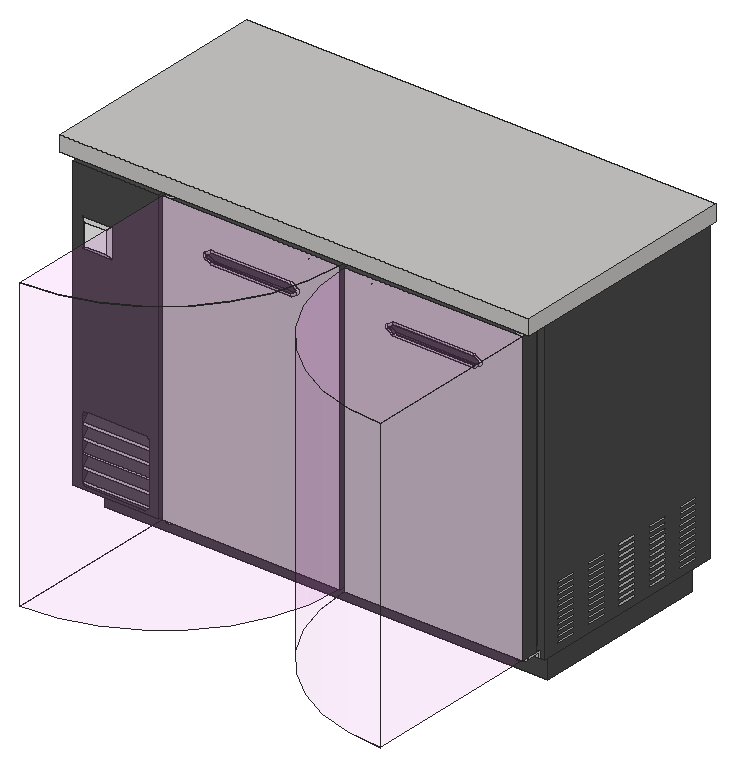
Revit family "QF_Kelvinator_738269_KCHBB48S_2-Solid_Door_Back_Bar_Refrigerator_Black_49_Long", category Specialty Equipment, Revit 2021 (continued)
Definition of nested family "KCHBB48S"
  Definition of nested family "Family1"
    Lines and regions (in)
      Split face 2
        outline origin (0, -1.75, 30.4) x (-1, 0, 0) y (0, 0, -1)
          loop
            circle (-15.55437, 0.5) r 0.2773
      symbolic lines, visible <- "Show Clearance"
        curve 1: arc (16.10807, -11.05, 0) -> (17.8876, -6.84841, 0) -> (18.59064, -2.34, 0) r 18.6
        curve 2: line (1.02191, -2.34, 0) -> (16.10807, -11.05, 0)
    Dimensions and locks (in)
      equal spacing: plane 3 "LEFT", plane 7 "Center Y", plane 4 "RIGHT"
      "Length": plane 3 "LEFT" to plane 4 "RIGHT"
      equal spacing: plane 5 "FRONT", plane 8 "Center X", plane 1 "BACK"
      "Depth": plane 5 "FRONT" to plane 1 "BACK"
      "Height": plane 6 "TOP" to level
      aligned and locked: level to plane 2
    Automatic sketch dimensions
      Extrusion 1 sketch curve to level = 0.000"
      Extrusion 1 sketch curve to plane 3 "LEFT" = 0.000"
      plane 4 "RIGHT" to Extrusion 1 sketch curve = 0.000"
      Extrusion 1 sketch curve to plane 6 "TOP" = 0.000"
      Extrusion 2 sketch curve to plane 6 "TOP" = 4.42179"
      Extrusion 2 sketch curve to Extrusion 2 sketch curve = 0.3367"
      Extrusion 2 sketch curve to Extrusion 2 sketch curve = 0.33813"  (x2)
      Extrusion 2 sketch curve to Extrusion 2 sketch curve = 0.09937"  (x2)
      Extrusion 2 sketch curve to Extrusion 2 sketch curve = 0.1008"  (x2)
      plane 12 to Extrusion 2 sketch curve = 4.2715"
      Extrusion 2 sketch curve to Extrusion 2 sketch curve = 0.06211"
      Extrusion 2 sketch curve to Extrusion 2 sketch curve = 0.541"  (x2)
      plane 7 "Center Y" to Extrusion 2 sketch curve = 4.175"
      Extrusion 2 sketch curve to Extrusion 2 sketch curve = 0.000"
      Extrusion 2 sketch curve to Extrusion 2 sketch curve = 0.47572"
      Extrusion 2 sketch curve to Extrusion 2 sketch curve = 0.063"
      Sweep 3 sketch curve to plane 6 "TOP" = 3.54679"
      Sweep 3 sketch curve to Sweep 3 sketch curve = 0.3367"
      Sweep 3 sketch curve to Sweep 3 sketch curve = 0.33813"  (x2)
      Sweep 3 sketch curve to Sweep 3 sketch curve = 0.09937"  (x2)
      Sweep 3 sketch curve to Sweep 3 sketch curve = 0.1008"  (x2)
      plane 12 to Sweep 3 sketch curve = 4.2715"
      Sweep 3 sketch curve to Sweep 3 sketch curve = 0.06211"
      Sweep 3 sketch curve to Sweep 3 sketch curve = 0.541"  (x2)
      plane 7 "Center Y" to Sweep 3 sketch curve = 4.175"
      Sweep 3 sketch curve to Sweep 3 sketch curve = 0.000"
      Sweep 3 sketch curve to Sweep 3 sketch curve = 0.47572"
      Sweep 3 sketch curve to Sweep 3 sketch curve = 0.063"
      profile plane to Sweep 3 sketch curve = 0.000"
      profile plane to Sweep 3 sketch curve = 0.125"
      profile plane to Sweep 3 sketch curve = 2.67809"
      Sweep 3 sketch curve to Sweep 3 sketch curve = 0.12191"
      Split face 1 sketch curve to cut or joined group of Extrusion 1, Extrusion 2, Extrusion 4 = 0.1875"
      cut or joined group of Extrusion 1, Extrusion 2, Extrusion 4 to Split face 1 sketch curve = 0.2873"  (x2)
      Split face 1 sketch curve to cut or joined group of Extrusion 1, Extrusion 2, Extrusion 4 = 0.03125"
      Split face 2 sketch curve to cut or joined group of Extrusion 1, Extrusion 2, Extrusion 4 = 0.03125"
      Split face 2 sketch curve to cut or joined group of Extrusion 1, Extrusion 2, Extrusion 4 = 0.25958"
      Extrusion 1 to Extrusion 4 sketch curve = 0.46875"
      Extrusion 1 to Extrusion 4 sketch curve = 2.78605"
      Extrusion 4 sketch curve to Extrusion 4 sketch curve = 0.51916"
      Extrusion 4 sketch curve to Extrusion 4 sketch curve = 0.0625"
      Extrusion 5 sketch curve to plane 1 "BACK" = 0.000"
      level to Extrusion 5 sketch curve = 0.32425"
      Extrusion 5 sketch curve to plane 6 "TOP" = 0.32575"
      Extrusion 5 sketch curve to Extrusion 5 sketch curve = 0.250"
      Extrusion 6 sketch curve to plane 9 = 0.000"
      level to Extrusion 6 sketch curve = 0.32425"
      Extrusion 6 sketch curve to plane 6 "TOP" = 0.32575"
      Extrusion 6 sketch curve to Extrusion 6 sketch curve = 0.250"
      Extrusion 7 sketch curve to plane 6 "TOP" = 0.000"
      Extrusion 7 sketch curve to plane 3 "LEFT" = 0.000"
      Extrusion 7 sketch curve to plane 10 = 0.12956"
      plane 12 to Extrusion 7 sketch curve = 2.6875"
      Extrusion 8 sketch curve to plane 9 = 0.000"
      Extrusion 8 sketch curve to plane 3 "LEFT" = 0.000"
      plane 12 to Extrusion 8 sketch curve = 0.23886"
      Extrusion 8 sketch curve to plane 8 "Center X" = 0.250"
      Extrusion 9 sketch curve to Extrusion 7 = 0.29232"
      Extrusion 9 sketch curve to Extrusion 7 = 0.45668"
      Extrusion 10 sketch curve to plane 8 "Center X" = 0.000"
      plane 12 to Extrusion 10 sketch curve = 0.23886"
      Extrusion 11 sketch curve to Extrusion 7 = 0.29232"
      Extrusion 11 sketch curve to Extrusion 7 = 1.45668"
      Extrusion 12 sketch curve to Extrusion 7 = 0.29232"
      Extrusion 12 sketch curve to Extrusion 7 = 0.54332"
      Extrusion 13 sketch curve to level = 0.000"
      Extrusion 13 sketch curve to plane 3 "LEFT" = 0.000"
      Extrusion 13 sketch curve to plane 11 = 0.12956"
      plane 12 to Extrusion 13 sketch curve = 2.6875"
      Extrusion 14 sketch curve to plane 3 "LEFT" = 0.000"
      Extrusion 14 sketch curve to plane 9 = 0.000"
      Extrusion 14 sketch curve to plane 8 "Center X" = 0.250"
      Extrusion 14 sketch curve to Extrusion 14 sketch curve = 0.55136"
      Extrusion 15 sketch curve to Extrusion 13 = 0.29232"
      Extrusion 15 sketch curve to Extrusion 13 = 0.45668"
      Extrusion 16 sketch curve to plane 8 "Center X" = 0.000"
      plane 12 to Extrusion 16 sketch curve = 0.23886"
      Extrusion 17 sketch curve to Extrusion 13 = 0.29232"
      Extrusion 17 sketch curve to Extrusion 13 = 1.45668"
      Extrusion 18 sketch curve to Extrusion 13 = 0.29232"
      Extrusion 18 sketch curve to Extrusion 13 = 0.54332"
      Extrusion 19 sketch curve to plane 3 "LEFT" = 0.000"
      Extrusion 19 sketch curve to plane 4 "RIGHT" = 0.000"
      plane 5 "FRONT" to Extrusion 19 sketch curve = 0.000"
      curve 1 to plane 3 "LEFT" = 0.000"
      curve 2 to plane 14 = 0.000"
      curve 1 to plane 14 = 0.000"
      plane 5 "FRONT" to curve 1 = 0.000"
      plane 13 to curve 2 = 2.17943"
      curve 2 to plane 14 = 8.710"
      plane 12 to curve 2 = 0.70941"
      radius of Split face 2 sketch curve = 0.2773"
      radius of Extrusion 9 sketch curve = 0.250"
      radius of Extrusion 10 sketch curve = 0.250"
      radius of Extrusion 11 sketch curve = 0.250"
      radius of Extrusion 12 sketch curve = 0.250"
      radius of Extrusion 15 sketch curve = 0.250"
      radius of Extrusion 16 sketch curve = 0.250"
      radius of Extrusion 17 sketch curve = 0.250"
      radius of Extrusion 18 sketch curve = 0.250"
